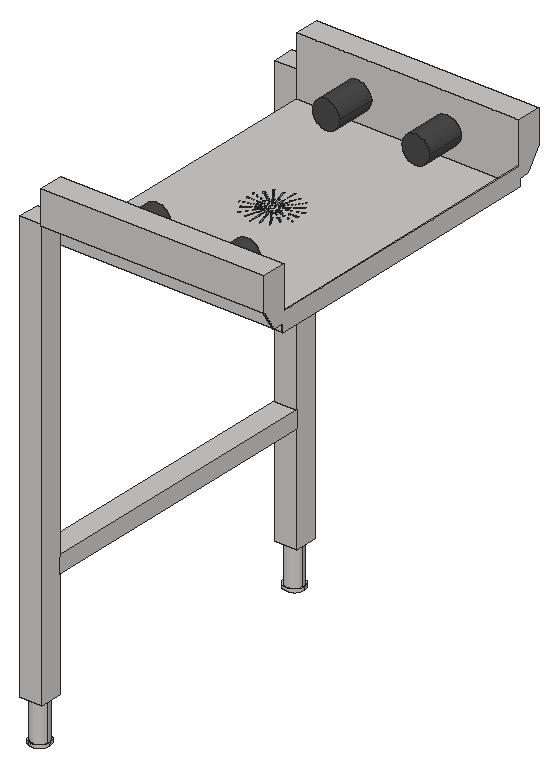
Revit family "QF_ELECTROLUXPROFESSIONAL_863137_HSSRC4", category Specialty Equipment, Revit 2018 (continued)
Definition of nested family "Foot_40x40"
  Automatic sketch dimensions
    Extrusion 1 sketch curve to plane 3 "Centro (Sinistra/Destra)" = 0 mm
    Extrusion 3 sketch curve to Extrusion 3 sketch curve = 40 mm  (x2)
    radius of Extrusion 1 sketch curve = 18 mm
    radius of Extrusion 2 sketch curve to Extrusion 1 = 3 mm
Types (2, lengths in mm): name | URL | Manufacturer | Model | Description
  (no name) | 0 | 0 | 0 | 0
  QF_ELECTROLUX_863137_HSSRC4 | "http://professional.electrolux.com" | "Electrolux" | "HSSRC4" | "CONVEYOR, SHORT ROLLERS, 400 MM"
